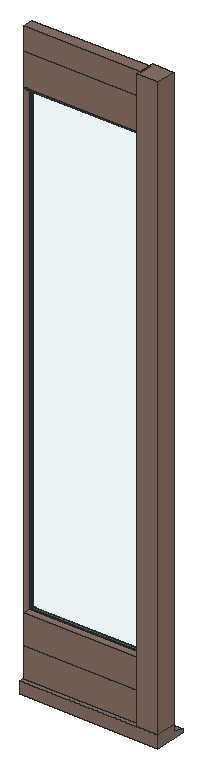
Revit family "DTI_A3-SKL&RSO", category Windows, host Wall, Revit 2016
Family settings
  Host = Wall
  OmniClass Number = 23.30.20.00
  OmniClass Title = Windows
  Always vertical = Yes
  Cut with Voids When Loaded = No
  Shared = No
  Room Calculation Point = No
Parameters (values of type "A3 SKL&RSO")
  URL = "www.swartland.co.za"
  Type Comments = "Cape Culture Side Light SKSO L& R"
  Top Rail Height = 81 mm
  Model = "SKSO"
  Manufacturer = "Swartland Doors & Windows"
  Height = 2007 mm
  Frame Width = 74 mm
  Door Frame Material = Meranti
  Default Sill Height = 0 mm
  Wall Closure = By host
  Width = 493 mm
  Cill Height = 44 mm
  Assembly Code = ""
Reference planes
  plane 1 "Center (Front/Back)": y = 0
  plane 2 "Center (Left/Right)": x = 0
  plane 3 "Left": x = -246.5
  plane 4 "Right": x = 246.5
  plane 5 "Sill": z = 44
  plane 6 "Head": z = 2132
  plane 7 "Exterior": y = 100
  plane 8 "Interior": y = -100
  plane 9: z = 2051
  plane 10: x = 172.5
  plane 11: z = 1935.3
  plane 12: z = 254
  plane 13: z = 44
  plane 14: z = 149
  plane 15: y = 75
  plane 16: y = -35
  plane 17: y = 35
Forms (mm)
  Extrusion 1, solid, material "Meranti"
    sketch origin (0, 0, 0) x (1, 0, 0) y (0, 0, 1)
      loop
        line (172.5, 44) -> (246.5, 44) -> (246.5, 2132) -> (172.5, 2132) -> (172.5, 44)
    from -35 to 35
  Extrusion 2, solid, material "Meranti"
    sketch origin (0, 0, 0) x (1, 0, 0) y (0, 0, 1)
      loop
        line (172.5, 44) -> (172.5, 149) -> (-246.5, 149) -> (-246.5, 44) -> (172.5, 44)
    from 20 to -20
  Extrusion 3, solid, material "Meranti"
    sketch origin (0, 0, 0) x (1, 0, 0) y (0, 0, 1)
      loop
        line (172.5, 148.3) -> (172.5, 254) -> (-246.5, 254) -> (-246.5, 148.3) -> (172.5, 148.3)
    from 20 to -20
  Extrusion 4, solid, material "Meranti"
    sketch origin (0, 0, 0) x (1, 0, 0) y (0, 0, 1)
      loop
        line (172.5, 2051) -> (-246.5, 2051) -> (-246.5, 1935.3) -> (172.5, 1935.3) -> (172.5, 2051)
    from 20 to -20
  Sweep 5, solid, material "Meranti"
    path origin (0, 0, 0) x (1, 0, 0) y (0, 0, 1)
      loop
        line (172.5, 254) -> (172.5, 1935.3) -> (-246.5, 1935.3) -> (-246.5, 254) -> (172.5, 254)
    profile "Beading Profile 15 X 12 : Beading Profile 15 X 12" origin (-37, 0, 254) x (0, 0, -1) y (0, -1, 0)
      loop
        line (0, -4) -> (-12, -4) -> (-12, -6) -> (-10, -6)
        arc (-10, -6) -> (-7.501, -14.424) -> (0, -19) r 12.235
        line (0, -19) -> (0, -4)
  Sweep 6, solid, material "Meranti"
    path origin (0, 0, 0) x (1, 0, 0) y (0, 0, 1)
      loop
        line (-246.5, 254) -> (172.5, 254) -> (172.5, 1935.3) -> (-246.5, 1935.3) -> (-246.5, 254)
    profile "Beading Profile 15 X 12 : Beading Profile 15 X 12" origin (-37, 0, 254) x (0, 0, 1) y (0, -1, 0)
      loop
        line (0, 4) -> (12, 4) -> (12, 6) -> (10, 6)
        arc (10, 6) -> (7.501, 14.424) -> (0, 19) r 12.235
        line (0, 19) -> (0, 4)
  Extrusion 7, solid, material "Glass"
    sketch origin (0, 0, 0) x (1, 0, 0) y (0, 0, 1)
      loop
        line (172.5, 254) -> (172.5, 1935.3) -> (-246.5, 1935.3) -> (-246.5, 254) -> (172.5, 254)
    from 3 to -3
  Extrusion 8, solid, material "Meranti"
    sketch origin (246.5, 0, 0) x (0, -1, 0) y (0, 0, 1)
      loop
        line (35, 44) -> (-35, 44) -> (-35, 24) -> (-75, 15) -> (-75, 0) -> (35, 0) -> (35, 44)
    from 0 to 493 <- "Width"
  Extrusion 9, solid, material "Meranti"
    sketch origin (0, 0, 0) x (1, 0, 0) y (0, 0, 1)
      loop
        line (172.5, 2051) -> (172.5, 2132) -> (-246.5, 2132) -> (-246.5, 2051) -> (172.5, 2051)
    from -20 to 20
Lines and regions (mm)
  Opening 1
    outline origin (3500, -100, 0) x (1, 0, 0) y (0, 0, 1)
      loop
        line (-3253.5, 0) -> (-3253.5, 2132) -> (-3746.5, 2132) -> (-3746.5, 0) -> (-3253.5, 0)
Text (mm)
  text "EXTERIOR" at (-1963.203, 1332.353, 0), in view "Ref. Level"
  text "INTERIOR" at (-1981.466, -818.386, 0), in view "Ref. Level"
  text "Exterior" at (0, 923.751, 2943.296), in view "Right"
  text "Exterior" at (0, 1040.484, 2685.409), in view "Left"
Dimensions and locks
  equal spacing: plane 3 "Left", plane 2 "Center (Left/Right)", plane 4 "Right"
  "Width": plane 3 "Left" to plane 4 "Right"
  "Height": plane 5 "Sill" to plane 9
  "Cill Height": plane 5 "Sill" to level
  locked: plane 7 "Exterior" to host wall at 0
  locked: plane 8 "Interior" to host wall
  "Frame Width": plane 10 to plane 4 "Right"
  "Top Rail Height": plane 9 to plane 6 "Head"
  plane 3 "Left" to plane 4 "Right" = 493 mm
  level to plane 13 = 44 mm
  plane 13 to plane 14 = 105 mm
  plane 14 to plane 12 = 105 mm
  plane 15 to plane 16 = 110 mm
  plane 11 to plane 9 = 115.7 mm
  aligned: Extrusion 4 to Extrusion 1
  aligned and locked: Extrusion 4 to Extrusion 1
  aligned: Extrusion 4 to Sweep 5
  aligned and locked: Extrusion 1 to Extrusion 2  (x2)
  aligned and locked: Extrusion 1 to host wall  (x2)
  aligned and locked: Extrusion 1 to plane 10
  aligned and locked: plane 10 to Sweep 5 sketch curve
  aligned: Extrusion 4 to Sweep 5 sketch curve
  aligned and locked: Extrusion 3 to Extrusion 1
  aligned and locked: Extrusion 3 to Extrusion 2
  aligned and locked: Extrusion 2 to Extrusion 3
  aligned: Extrusion 2 to Extrusion 3
  aligned: plane 5 "Sill" to Extrusion 2
  aligned and locked: Sweep 5 sketch curve to plane 3 "Left"
  aligned and locked: Extrusion 7 to host wall
  aligned and locked: Extrusion 3 to host wall
  aligned and locked: Extrusion 2 to host wall
  aligned and locked: Sweep 5 sketch curve to Extrusion 4
  aligned and locked: Extrusion 7 to Extrusion 3
  aligned and locked: Sweep 6 sketch curve to plane 10
  aligned and locked: Sweep 6 sketch curve to Extrusion 4
  aligned and locked: Extrusion 1 sketch curve to plane 13
  aligned and locked: plane 11 to Extrusion 7
  aligned and locked: Extrusion 4 to Extrusion 7
  aligned and locked: Extrusion 2 to plane 14
  aligned and locked: Extrusion 3 to plane 12
  aligned and locked: plane 15 to Extrusion 8 sketch curve
  aligned and locked: Extrusion 8 sketch curve to plane 16
  aligned and locked: Extrusion 8 sketch curve to plane 13
  aligned and locked: plane 17 to Extrusion 8 sketch curve
Automatic sketch dimensions
  Opening 1 sketch curve to level = 0 mm
  plane 3 "Left" to Opening 1 sketch curve = 0 mm
  plane 4 "Right" to Opening 1 sketch curve = 0 mm
  Opening 1 sketch curve to plane 6 "Head" = 0 mm
  Extrusion 1 sketch curve to plane 6 "Head" = 0 mm
  Extrusion 1 sketch curve to plane 10 = 0 mm
  plane 4 "Right" to Extrusion 1 sketch curve = 0 mm
  plane 3 "Left" to Extrusion 2 sketch curve = 0 mm
  plane 10 to Extrusion 2 sketch curve = 0 mm
  Extrusion 2 sketch curve to plane 13 = 0 mm
  Extrusion 2 sketch curve to plane 14 = 0 mm
  plane 3 "Left" to Extrusion 3 sketch curve = 0 mm
  plane 10 to Extrusion 3 sketch curve = 0 mm
  Extrusion 3 sketch curve to plane 12 = 0 mm
  plane 14 to Extrusion 3 sketch curve = 0.7 mm
  plane 3 "Left" to Extrusion 4 sketch curve = 0 mm
  plane 10 to Extrusion 4 sketch curve = 0 mm
  Extrusion 4 sketch curve to plane 11 = 0 mm
  Extrusion 4 sketch curve to plane 9 = 0 mm
  plane 3 "Left" to Extrusion 7 sketch curve = 0 mm
  plane 10 to Extrusion 7 sketch curve = 0 mm
  Extrusion 7 sketch curve to plane 12 = 0 mm
  Extrusion 7 sketch curve to plane 11 = 0 mm
  plane 3 "Left" to Extrusion 9 sketch curve = 0 mm
  Extrusion 9 sketch curve to plane 6 "Head" = 0 mm
  Extrusion 9 sketch curve to plane 10 = 0 mm
  Extrusion 9 sketch curve to plane 9 = 0 mm
  Extrusion 8 sketch curve to level = 0 mm
  level to Extrusion 8 sketch curve = 15 mm
  Extrusion 8 sketch curve to plane 13 = 20 mm
  plane 3 "Left" to Sweep 6 sketch curve = 0 mm
  Sweep 6 sketch curve to plane 12 = 0 mm
  Sweep 5 sketch curve to plane 12 = 0 mm
